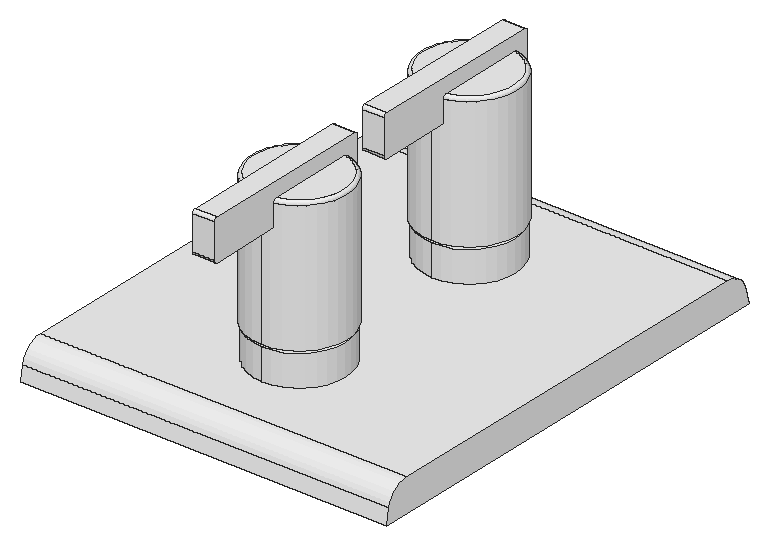
Revit family "Diverter-Two_Handle-American_Standard-Times_Square-T184740.rfaxxx", category Plumbing Fixtures, host Face, Revit 2019
Family settings
  Host = Face
  Round Connector Dimension = Use Diameter
  Part Type = Normal
  OmniClass Number = 23.65.55.14
  OmniClass Title = Valves for Liquid Services
  Cut with Voids When Loaded = No
  Shared = Yes
  Room Calculation Point = No
Parameters (values of type "T184740.002")
  Width = 6 11/16"
  Waste Connection = no
  WFU = 4
  Vent Connection = no
  Valve Visibility = if(or([R520 Rough Valve Body 1/2" NPT Inlets/Outlets (Sold Separately)], [R540 Rough Valve Body 3/4" NPT Inlets/Outlets (Sold Separately)], [R522 Rough Valve Body 1/2" NPT Inlets/Outlets 2-Way Diverter (Sold Separately)], [R523 Rough Valve Body 3/4" NPT Inlets/Outlets 3-Way Diverter (Sold Separately)B]), 1 = 1, 1 = 0)  # no
  URL = "https://www.americanstandard.ca/"
  Type Comments = ""
  Trim Distance from Wall Constraint = if([Trim Distance from Wall (min. 2"- 2 5/8")] > 2 5/8", 2 5/8", if([Trim Distance from Wall (min. 2"- 2 5/8")] < 2", 2", [Trim Distance from Wall (min. 2"- 2 5/8")]))  # 2"
  Trim Distance from Wall (min. 2"- 2 5/8") = 2"
  Tempered Water Connection Diameter 2 = if([R523 Rough Valve Body 3/4" NPT Inlets/Outlets 3-Way Diverter (Sold Separately)B], 1/2", 0")  # 0"
  Tempered Water Connection Diameter 1 = if(or([R522 Rough Valve Body 1/2" NPT Inlets/Outlets 2-Way Diverter (Sold Separately)], [R523 Rough Valve Body 3/4" NPT Inlets/Outlets 3-Way Diverter (Sold Separately)B]), 1/2", 0")  # 0"
  Tempered Water Connection Diameter = if(R520 + R540 = 1/2", 1/2", if(R520 + R540 = 3/4", 3/4", 0"))  # 0"
  Tempered Water Connection Description 2 = if(Tempered Water Connection Diameter 2 = 1/2", "1/2-in Global Outlet Connection 3", "N/A")  # "N/A"
  Tempered Water Connection Description 1 = if(Tempered Water Connection Diameter 1 = 1/2", "1/2-in Global Outlet Connection 2", "N/A")  # "N/A"
  Tempered Water Connection Description = if(Tempered Water Connection Diameter = 1/2", "1/2-in Global Outlet Connection 1", if(Tempered Water Connection Diameter = 3/4", "3/4-in  Global Outlet Connection 1", "N/A"))  # "N/A"
  Tempered Water Connection = yes
  R540 Rough Valve Body 3/4" NPT Inlets/Outlets (Sold Separately) = no
  R523 Rough Valve Body 3/4" NPT Inlets/Outlets 3-Way Diverter (Sold Separately)B = no
  R522 Rough Valve Body 1/2" NPT Inlets/Outlets 2-Way Diverter (Sold Separately) = no
  R520 Rough Valve Body 1/2" NPT Inlets/Outlets (Sold Separately) = no
  Product Page URL = "https://www.americanstandard.ca/Thermostatic-Valves-and-Trims/Time-Square-2-Handle-Thermostatic-Shower-Valve-Trim-Kit/CHROME-T184740002"
  Product Documentation Link = "https://americanstandard.box.com/shared/static/go8ige8li78pd5vhzus5ilaax50pcbar.pdf"
  Price = "Prices may vary. Please consult Manufacturer Representative for most up-to-date price list."  # constant formula
  Model = "T184740.002"
  Maximum Temperature = "104 to 109°F"
  Material = "Cast Brass-American Standard-295-Brushed Nickel"
  Manufacturer = "American Standard"
  Installation Type = "Wall Mounted"
  Inlet/Outlet Radius = if([R540 Rough Valve Body 3/4" NPT Inlets/Outlets (Sold Separately)], 3/4", 1/2")  # 1/2"
  Hot Water Connection Diameter = if(R520 + R540 = 1/2", 1/2", if(R520 + R540 = 3/4", 3/4", 0"))  # 0"
  Hot Water Connection Description = if(Hot Water Connection Diameter = 1/2", "1/2-in Hot Water Inlet Connection", if(Hot Water Connection Diameter = 3/4", "3/4-in Hot Water Inlet Connection", "N/A"))  # "N/A"
  Height = 8 1/4"
  HWFU = 3
  HW Connection = yes
  Finish = Cast Brass-American Standard-002-Polished Chrome
  Description = "Time Square® 2-Handle Thermostatic Shower Valve Trim Kit"
  Default Elevation = 48"  # constant formula
  Cross Handle = yes
  Creation Date = "10/18/2022"
  Compliance Certifications = "ASSE 1016, ASME A112.18.1 & CSA B125.1"
  Cold Water Connection Diameter = if(R520 + R540 = 1/2", 1/2", if(R520 + R540 = 3/4", 3/4", 0"))  # 0"
  Cold Water Connection Description = if(Cold Water Connection Diameter = 1/2", "1/2-in Cold Water Inlet Connection", if(Cold Water Connection Diameter = 3/4", "3/4-in Cold Water Inlet Connection", "N/A"))  # "N/A"
  CWFU = 3
  CW Connection = yes
  R540 = if([R540 Rough Valve Body 3/4" NPT Inlets/Outlets (Sold Separately)], 3/4", 0")  # 0"
  Assembly Code = "D2020300"
  R520 = if(or([R520 Rough Valve Body 1/2" NPT Inlets/Outlets (Sold Separately)], [R522 Rough Valve Body 1/2" NPT Inlets/Outlets 2-Way Diverter (Sold Separately)], [R523 Rough Valve Body 3/4" NPT Inlets/Outlets 3-Way Diverter (Sold Separately)B]), 1/2", 0")  # 0"
  ADA Compliant = yes
  2 & 3 Way Valve Visibility = if(or([R522 Rough Valve Body 1/2" NPT Inlets/Outlets 2-Way Diverter (Sold Separately)], [R523 Rough Valve Body 3/4" NPT Inlets/Outlets 3-Way Diverter (Sold Separately)B]), 1 = 1, 1 = 0)  # no
Reference planes (in)
  plane 1 "Center (Front/Back)": y = 0.6875
  plane 2: z = 0
  plane 3 "Center (Left/Right)": x = 0
  plane 4: y = 2.625
  plane 5: y = 4.375
  plane 6: y = -3
  plane 7: x = -3.34375
  plane 8: x = 3.34375
  plane 9: z = -2.25
  plane 10: z = -1.75
  plane 11: z = -1.75
  plane 12: z = -2.25
  plane 13: y = 4.8125
  plane 14: y = -3.4375
  plane 15: z = -1.75
  plane 16: z = -2.25
  plane 17 "Trim Distance": z = -2
  plane 18: x = -2.9375
  plane 19: x = 2.9375
  plane 20: y = -1.25
  plane 21: z = -3
Forms (in)
  Revolve 1, solid, material "Metal-American Standard-Gold", visible <- "Valve Visibility"
    sketch origin (0, 0, 0) x (0, 1, 0) y (0, 0, 1)
      loop
        line (2.625, 0) -> (2.625, -1.94015) -> (2.9375, -1.94015) -> (2.9375, 0) -> (2.625, 0)
      axis (2.625, 0) -> (2.625, -1.94015)
    angle from 0 to 360
  Revolve 2, solid, material "Metal-American Standard-Gold", visible <- "Valve Visibility"
    sketch origin (0, 0.5625, 0) x (0, -1, 0) y (0, 0, -1)
      loop
        line (1.8125, 0) -> (2.1875, 0) -> (2.1875, 1.94015) -> (1.8125, 1.94015) -> (1.8125, 0)
      axis (1.8125, 0) -> (1.8125, 1.94015)
    angle from 0 to 360
  Revolve 3, solid, material "Metal-American Standard-Gold", visible <- "Valve Visibility"
    sketch origin (0, 0, 0) x (0, 1, 0) y (0, 0, 1)
      loop
        line (3.59873, -2.46875) -> (4.375, -2.46875) -> (4.375, -2.25) -> (0.29687, -2.25) -> (0.29687, -2) -> (-3, -2) -> (-3, -2.34375) -> (-2.82577, -2.34375) -> (-2.82577, -2.46875) -> (0.37255, -2.46875) -> (0.49755, -2.34375) -> (3.48154, -2.34375) -> (3.59873, -2.46875)
      axis (4.375, -2) -> (-3, -2)
    angle from 0 to 360
  Revolve 4, solid, material "Metal-American Standard-Gold", visible <- "2 & 3 Way Valve Visibility"
    sketch origin (0, 2.625, 1.0625) x (0, 0, 1) y (-1, 0, 0)
      loop
        line (-2.8125, -2.9375) -> (-2.6875, -2.9375) -> (-2.6875, 2.9375) -> (-2.8125, 2.9375) -> (-2.8125, -2.9375)
      axis (-3.0625, 2.9375) -> (-3.0625, -2.9375)
    angle from 0 to 360
  Revolve 5, solid, material "Metal-American Standard-Gold", visible <- "Valve Visibility"
    sketch origin (0, -1.25, 1.0625) x (0, 0, 1) y (-1, 0, 0)
      loop
        line (-3.3125, -2.9375) -> (-3.3125, 2.9375) -> (-3.4375, 2.9375) -> (-3.4375, -2.9375) -> (-3.3125, -2.9375)
      axis (-3.0625, 2.9375) -> (-3.0625, -2.9375)
    angle from 0 to 360
  Extrusion 6, solid, material "Cast Brass-American Standard-002-Polished Chrome" <- "Finish"
    sketch origin (0, 0.6875, 0) x (0, 1, 0) y (0, 0, 1)
      loop
        line (4.125, 0) -> (4.06894, 0.26375)
        arc (4.06894, 0.26375) -> (3.92414, 0.50004) -> (3.66292, 0.59254) r 0.41509
        line (3.66292, 0.59254) -> (-3.66292, 0.59254)
        arc (-3.66292, 0.59254) -> (-3.92414, 0.50004) -> (-4.06894, 0.26375) r 0.41509
        line (-4.06894, 0.26375) -> (-4.125, 0) -> (4.125, 0)
    from -3.34375 to 3.34375
  Revolve 7, solid, material "Cast Brass-American Standard-002-Polished Chrome" <- "Finish"
    sketch origin (0, 7.79457, 1.4638) x (0, 1, 0) y (0, 0, 1)
      loop
        line (-4.2954, -0.24706) -> (-4.2954, 2.12455)
        arc (-4.2954, 2.12455) -> (-4.31298, 2.16698) -> (-4.3554, 2.18455) r 0.06
        line (-4.3554, 2.18455) -> (-5.16957, 2.18455) -> (-5.16957, -0.87126) -> (-4.32361, -0.87126) -> (-4.32361, -0.30798) -> (-4.86477, -0.30798) -> (-4.86477, -0.24706) -> (-4.2954, -0.24706)
      axis (-5.16957, 2.18455) -> (-5.16957, -0.87126)
    angle from 0 to 360
  Extrusion 8, solid, material "Cast Brass-American Standard-002-Polished Chrome" <- "Finish"
    sketch origin (0, 7.79457, 0) x (0, 1, 0) y (0, 0, 1)
      loop
        line (-4.10213, 3.17261) -> (-4.10213, 3.85591)
        arc (-4.10213, 3.85591) -> (-4.1197, 3.89834) -> (-4.16213, 3.91591) r 0.06
        line (-4.16213, 3.91591) -> (-7.29213, 3.91591)
        arc (-7.29213, 3.91591) -> (-7.33456, 3.89834) -> (-7.35213, 3.85591) r 0.06
        line (-7.35213, 3.85591) -> (-7.35213, 3.23261)
        arc (-7.35213, 3.23261) -> (-7.33456, 3.19019) -> (-7.29213, 3.17261) r 0.06
        line (-7.29213, 3.17261) -> (-4.10213, 3.17261)
    from -0.2 to 0.2
  Revolve 9, solid, material "Cast Brass-American Standard-002-Polished Chrome" <- "Finish"
    sketch origin (0, 4.60707, 1.4638) x (0, 1, 0) y (0, 0, 1)
      loop
        line (-5.85707, 2.18455) -> (-5.85707, -0.87126) -> (-5.01111, -0.87126) -> (-5.01111, -0.30798) -> (-5.55227, -0.30798) -> (-5.55227, -0.24706) -> (-4.9829, -0.24706) -> (-4.9829, 2.12596)
        arc (-4.9829, 2.12596) -> (-5.00006, 2.16739) -> (-5.0415, 2.18455) r 0.05859
        line (-5.0415, 2.18455) -> (-5.85707, 2.18455)
      axis (-5.85707, 2.18455) -> (-5.85707, -0.87126)
    angle from 0 to 360
  Extrusion 10, solid, material "Cast Brass-American Standard-002-Polished Chrome" <- "Finish"
    sketch origin (0, 3.79457, 0) x (0, 1, 0) y (0, 0, 1)
      loop
        line (-3.97713, 3.17261) -> (-3.97713, 3.85591)
        arc (-3.97713, 3.85591) -> (-3.9947, 3.89834) -> (-4.03713, 3.91591) r 0.06
        line (-4.03713, 3.91591) -> (-7.16713, 3.91591)
        arc (-7.16713, 3.91591) -> (-7.20956, 3.89834) -> (-7.22713, 3.85591) r 0.06
        line (-7.22713, 3.85591) -> (-7.22713, 3.23261)
        arc (-7.22713, 3.23261) -> (-7.20956, 3.19019) -> (-7.16713, 3.17261) r 0.06
        line (-7.16713, 3.17261) -> (-3.97713, 3.17261)
    from -0.2 to 0.2
  Revolve 11, solid, material "Metal-American Standard-Gold", visible <- "Valve Visibility"
    sketch origin (0, 0, 0) x (0, 1, 0) y (0, 0, 1)
      loop
        line (-2.34005, -3) -> (-0.1225, -3) -> (-0.1225, -2) -> (-2.34005, -2) -> (-2.34005, -3)
      axis (-2.34005, -2) -> (-0.1225, -2)
    angle from 0 to 360
Cuts and joins
  joined: Revolve 7, Extrusion 8
  joined: Revolve 9, Extrusion 10
  joined: Revolve 3, Revolve 11
Lines and regions (in)
  Masking region 1, visible <- "Valve Visibility", detail levels medium+fine
    outline origin (0, -1.8125, 0) x (0, 0, 1) y (-1, 0, 0)
      loop
        line (0, 0.37563) -> (-1.07323, 0.37563)
        arc (-1.07323, 0.37563) -> (-1.29313, 0.70735) -> (-1.625, 0.92702) r 1
        line (-1.625, 0.92702) -> (-1.625, 2.9375) -> (-2.375, 2.9375) -> (-2.375, 0.92702)
        arc (-2.375, 0.92702) -> (-2.82916, 0.55902) -> (-3, 0) r 1
        arc (-3, 0) -> (-2.82916, -0.55902) -> (-2.375, -0.92702) r 1
        line (-2.375, -0.92702) -> (-2.375, -2.9375) -> (-1.625, -2.9375) -> (-1.625, -0.92702)
        arc (-1.625, -0.92702) -> (-1.29313, -0.70735) -> (-1.07323, -0.37563) r 1
        line (-1.07323, -0.37563) -> (0, -0.37563) -> (0, 0.37563)
  Masking region 2
    outline origin (0, -1.8125, 0) x (0, 0, 1) y (-1, 0, 0)
      loop
        line (0, 3.34375) -> (0, -3.34375) -> (0.59254, -3.34375) -> (0.59254, -0.84596) -> (1.15582, -0.84596) -> (1.15582, -0.3048) -> (1.21674, -0.3048) -> (1.21674, -0.87416) -> (3.58975, -0.87416)
        arc (3.58975, -0.87416) -> (3.63119, -0.857) -> (3.64835, -0.81557) r 0.05859
        line (3.64835, -0.81557) -> (3.64835, -0.2) -> (3.91591, -0.2) -> (3.91591, 0.2) -> (3.64835, 0.2) -> (3.64835, 0.81557)
        arc (3.64835, 0.81557) -> (3.63119, 0.857) -> (3.58975, 0.87416) r 0.05859
        line (3.58975, 0.87416) -> (1.21674, 0.87416) -> (1.21674, 0.3048) -> (1.15582, 0.3048) -> (1.15582, 0.84596) -> (0.59254, 0.84596) -> (0.59254, 3.34375) -> (0, 3.34375)
  symbolic lines, detail levels medium+fine
    curve 1: line (0.84596, -1.8125, 0.59254) -> (-0.84596, -1.8125, 0.59254)
    curve 2: line (0.3048, -1.8125, 1.15582) -> (-0.3048, -1.8125, 1.15582)
    curve 3: line (-0.3048, -1.8125, 1.21674) -> (0.3048, -1.8125, 1.21674)
    curve 4: line (-0.2, -1.8125, 3.17261) -> (0.2, -1.8125, 3.17261)
    curve 5: line (0.2, -1.8125, 3.64835) -> (0.2, -1.8125, 3.17261)
    curve 6: line (-0.2, -1.8125, 3.64825) -> (-0.2, -1.8125, 3.17261)
Dimensions and locks (in)
  equal spacing: plane 5, plane 1 "Center (Front/Back)", plane 6
  equal spacing: plane 7, plane 3 "Center (Left/Right)", plane 8
  "Width": plane 7 to plane 8
  Revolve 3 sketch curve to Revolve 3 sketch curve to Revolve 3 sketch curve = 1/8" locked, 3/32" locked
  locked: Revolve 4 sketch curve to Revolve 4 sketch curve at 0.125
  locked: Revolve 5 sketch curve to Revolve 5 sketch curve at 0.125
  "Height": plane 14 to plane 13
  "Trim Distance from Wall Constraint": level to plane 17 "Trim Distance"
  plane 18 to plane 19 = 5 7/8"
  equal spacing: plane 14, plane 1 "Center (Front/Back)", plane 13
  locked: plane 17 "Trim Distance" to plane 21 at 1
  equal spacing: plane 12, plane 17 "Trim Distance", plane 11
  "Inlet/Outlet Radius": plane 12 to plane 11
  plane 5 to plane 6 = 7 3/8"
  plane 4 to plane 20 = 3 7/8"
  equal spacing: plane 4, plane 1 "Center (Front/Back)", plane 20
  equal spacing: plane 16, plane 17 "Trim Distance", plane 15
  "Inlet/Outlet Radius": plane 16 to plane 15
  equal spacing: plane 9, plane 17 "Trim Distance", plane 10
  "Inlet/Outlet Radius": plane 9 to plane 10
  aligned and locked: plane 2 to host face
  aligned and locked: plane 4 to Revolve 1 sketch curve  (x2)
  aligned and locked: Revolve 3 sketch curve to Revolve 3 sketch curve  (x2)
  aligned and locked: plane 10 to Revolve 4 sketch curve
  aligned and locked: Revolve 3 sketch curve to plane 16
  aligned and locked: plane 17 "Trim Distance" to Revolve 4 sketch curve
  aligned and locked: plane 17 "Trim Distance" to Revolve 5 sketch curve
  aligned and locked: Revolve 3 sketch curve to plane 17 "Trim Distance"  (x2)
  aligned and locked: Revolve 4 to Masking region 1 sketch curve  (x2)
  aligned and locked: Masking region 1 sketch curve to Revolve 4  (x4)
  aligned and locked: plane 6 to Revolve 3 sketch curve
  aligned and locked: Revolve 3 sketch curve to plane 5
  aligned and locked: Revolve 11 sketch curve to plane 17 "Trim Distance"
  aligned and locked: plane 21 to Revolve 11 sketch curve
  aligned and locked: plane 17 "Trim Distance" to Revolve 11 sketch curve
  aligned and locked: Revolve 5 sketch curve to plane 12
  aligned and locked: Masking region 1 sketch curve to cut or joined group of Revolve 3, Revolve 11  (x2)
  aligned and locked: curve 4 to cut or joined group of Revolve 7, Extrusion 8
Automatic sketch dimensions
  host sketch curve to host sketch curve = 22.93334"
  host sketch curve to host sketch curve = 27.50708"
  plane 19 to Revolve 4 sketch curve = 0"
  Revolve 4 sketch curve to plane 18 = 0"
  Revolve 4 sketch curve to plane 8 = 1 13/16"
  Revolve 4 sketch curve to Revolve 4 sketch curve = 1.10402"
  Revolve 5 sketch curve to plane 8 = 0"
  plane 19 to Revolve 5 sketch curve = 0"
  Revolve 5 sketch curve to plane 18 = 0"
  Revolve 5 sketch curve to Revolve 5 sketch curve = 1 1/4"
  Revolve 1 sketch curve to level = 0"
  plane 17 "Trim Distance" to Revolve 1 sketch curve = 0.05985"
  Revolve 1 sketch curve to Revolve 1 sketch curve = 5/16"
  level to Revolve 1 sketch curve = 4.84272"
  Revolve 1 sketch curve to Revolve 1 sketch curve = 1/2"
  Revolve 2 sketch curve to level = 0"
  plane 17 "Trim Distance" to Revolve 2 sketch curve = 0.05985"
  Revolve 2 sketch curve to Revolve 2 sketch curve = 3/8"
  Revolve 2 sketch curve to Revolve 2 sketch curve = 4.84272"
  Revolve 2 sketch curve to Revolve 2 sketch curve = 1/2"
  Extrusion 6 sketch curve to level = 0"
  Extrusion 6 sketch curve to plane 14 = 0"
  Extrusion 6 sketch curve to plane 13 = 0"
  plane 14 to Extrusion 6 sketch curve = 0.05606"
  plane 14 to Extrusion 6 sketch curve = 0.46208"
  plane 13 to Extrusion 6 sketch curve = 0.46208"
  plane 13 to Extrusion 6 sketch curve = 0.05606"
  level to Extrusion 6 sketch curve = 0.17745"  (x2)
  level to Extrusion 6 sketch curve = 0.26375"
  Revolve 7 sketch curve to plane 4 = 0"  (x2)
  plane 4 to Revolve 7 sketch curve = 0.3048"
  plane 4 to Revolve 7 sketch curve = 0.81416"
  Revolve 7 sketch curve to Revolve 7 sketch curve = 0.54116"
  Revolve 7 sketch curve to Revolve 7 sketch curve = 0.02821"
  level to Revolve 7 sketch curve = 0.59254"
  Revolve 7 sketch curve to Revolve 7 sketch curve = 0.56328"
  Revolve 7 sketch curve to Revolve 7 sketch curve = 0.06092"
  Revolve 7 sketch curve to Revolve 7 sketch curve = 2.37161"
  Revolve 7 sketch curve to Revolve 7 sketch curve = 2.51847"
  Revolve 7 sketch curve to Revolve 7 sketch curve = 0.42224"
  plane 1 "Center (Front/Back)" to Extrusion 8 sketch curve = 0.24506"
  Extrusion 8 sketch curve to Extrusion 8 sketch curve = 0.06"  (x3)
  plane 4 to Extrusion 8 sketch curve = 1.00744"
  level to Extrusion 8 sketch curve = 3.17261"
  Extrusion 8 sketch curve to Extrusion 8 sketch curve = 0.6833"
  Extrusion 10 sketch curve to plane 6 = 0.43256"
  Extrusion 10 sketch curve to Extrusion 10 sketch curve = 0.06"  (x3)
  level to Extrusion 10 sketch curve = 3.17261"
  Extrusion 10 sketch curve to Extrusion 10 sketch curve = 0.6233"
  plane 6 to Revolve 2 sketch curve = 1 3/4"  (x2)
  plane 1 "Center (Front/Back)" to Extrusion 10 sketch curve = 0.93006"
  plane 6 to Revolve 11 sketch curve = 0.65995"
  Revolve 11 sketch curve to plane 14 = 0.1838"
  Revolve 11 sketch curve to Revolve 11 sketch curve = 3/4"
  plane 1 "Center (Front/Back)" to Revolve 11 sketch curve = 0.81"
  plane 1 "Center (Front/Back)" to Revolve 3 sketch curve = 25/64"
  plane 6 to Revolve 3 sketch curve = 0.17423"
  plane 1 "Center (Front/Back)" to Revolve 3 sketch curve = 0.31495"
  Revolve 3 sketch curve to Revolve 3 sketch curve = 1/8"
  plane 4 to Revolve 3 sketch curve = 0.85654"
  Revolve 3 sketch curve to Revolve 3 sketch curve = 15/128"
  Revolve 3 sketch curve to plane 20 = 0.0133"
  Revolve 3 sketch curve to plane 13 = 0.18485"
  Revolve 9 sketch curve to plane 20 = 0"
  Revolve 9 sketch curve to plane 4 = 3 7/8"
  Revolve 9 sketch curve to plane 4 = 3.5702"
  Revolve 9 sketch curve to plane 4 = 3.05943"
  Revolve 9 sketch curve to Revolve 9 sketch curve = 0.54116"
  Revolve 9 sketch curve to Revolve 9 sketch curve = 15/256"
  level to Revolve 9 sketch curve = 0.59254"
  Revolve 9 sketch curve to Revolve 9 sketch curve = 0.56328"
  Revolve 9 sketch curve to Revolve 9 sketch curve = 0.06092"
  Revolve 9 sketch curve to Revolve 9 sketch curve = 2.37301"
  Revolve 9 sketch curve to Revolve 9 sketch curve = 2.51847"
  Revolve 9 sketch curve to Revolve 9 sketch curve = 0.42224"
  Masking region 1 sketch curve to Masking region 1 sketch curve = 0"  (x4)
  Masking region 1 sketch curve to plane 3 "Center (Left/Right)" = 0.37563"
  plane 3 "Center (Left/Right)" to Masking region 1 sketch curve = 0.37563"
  plane 3 "Center (Left/Right)" to curve 4 = 0.2"
  level to curve 4 = 3.17261"
  curve 3 to plane 3 "Center (Left/Right)" = 0.3048"
  level to curve 3 = 1.21674"
  curve 2 to curve 3 = 0.06092"
  level to curve 1 = 0.59254"
  curve 6 to plane 3 "Center (Left/Right)" = 0.2"
  curve 6 to curve 6 = 0.47564"
  curve 6 to curve 5 = 0.0001"
  plane 3 "Center (Left/Right)" to curve 3 = 0.3048"
  curve 3 to curve 2 = 0"  (x2)
  curve 1 to curve 2 = 0.54116"
  curve 2 to curve 1 = 0.54116"
  Masking region 1 sketch curve to level = 0"
  Masking region 2 sketch curve to level = 0"
  Masking region 2 sketch curve to plane 8 = 0"
  plane 7 to Masking region 2 sketch curve = 0"
  level to Masking region 2 sketch curve = 0.59254"  (x2)
  Masking region 2 sketch curve to Masking region 2 sketch curve = 0.56328"
  Masking region 2 sketch curve to Masking region 2 sketch curve = 0"  (x3)
  Masking region 2 sketch curve to Masking region 2 sketch curve = 0.06092"  (x2)
  Masking region 2 sketch curve to plane 3 "Center (Left/Right)" = 0.81557"
  Masking region 2 sketch curve to Masking region 2 sketch curve = 2.37301"
  plane 3 "Center (Left/Right)" to Masking region 2 sketch curve = 0.81557"
  plane 3 "Center (Left/Right)" to Masking region 2 sketch curve = 0.2"
  Masking region 2 sketch curve to Masking region 2 sketch curve = 15/256"
  Masking region 2 sketch curve to plane 3 "Center (Left/Right)" = 0.2"
  Masking region 2 sketch curve to Masking region 2 sketch curve = 0.26756"
  Masking region 2 sketch curve to Masking region 2 sketch curve = 0.02821"  (x2)
  plane 3 "Center (Left/Right)" to Masking region 2 sketch curve = 0.3048"
  Masking region 2 sketch curve to plane 3 "Center (Left/Right)" = 0.3048"
Connectors (in)
  piping at (0, 4.375, -2), driven by "Tempered Water Connection Description", driven by "Tempered Water Connection Diameter"
    settings: on Revolve 3, index 3, connector diameter 0", connector inside diameter 24", connector length 0", flow factor 0, pipe flow 0 GPM, pressure drop 0.00 psi, fitting loss kfactor 0, connector angle 0.00°, fixture units 0, engagement length 0", angle of deflection 0.00°, flow configuration 0, flow direction 2, fitting loss method 0, system type 29, joint type 0, gender type 0, connector reference index -1, connector utility 0, adjustable connector no, is connector primary yes, connector description "N/A"
  piping at (-2.9375, 2.625, -2), driven by "Tempered Water Connection Diameter 1", driven by "Tempered Water Connection Description 1"
    settings: on Revolve 4, index 4, connector diameter 0", connector inside diameter 24", connector length 0", flow factor 0, pipe flow 0 GPM, pressure drop 0.00 psi, fitting loss kfactor 0, connector angle 0.00°, fixture units 0, engagement length 0", angle of deflection 0.00°, flow configuration 0, flow direction 2, fitting loss method 0, system type 29, joint type 0, gender type 0, connector reference index -1, connector utility 0, adjustable connector no, is connector primary no, connector description "N/A"
  piping at (2.9375, 2.625, -2), driven by "Tempered Water Connection Diameter 2", driven by "Tempered Water Connection Description 2"
    settings: on Revolve 4, index 5, connector diameter 0", connector inside diameter 24", connector length 0", flow factor 0, pipe flow 0 GPM, pressure drop 0.00 psi, fitting loss kfactor 0, connector angle 0.00°, fixture units 0, engagement length 0", angle of deflection 0.00°, flow configuration 0, flow direction 2, fitting loss method 0, system type 29, joint type 0, gender type 0, connector reference index -1, connector utility 0, adjustable connector no, is connector primary no, connector description "N/A"
  piping at (-2.9375, -1.25, -2), driven by "Hot Water Connection Diameter", driven by "Hot Water Connection Description", driven by "HWFU"
    settings: on Revolve 5, index 6, connector diameter 0", connector inside diameter 24", connector length 0", flow factor 0, pipe flow 0 GPM, pressure drop 0.00 psi, fitting loss kfactor 0, connector angle 0.00°, fixture units 3, engagement length 0", angle of deflection 0.00°, flow configuration 3, flow direction 1, fitting loss method 0, system type 19, joint type 0, gender type 0, connector reference index -1, connector utility 0, adjustable connector no, is connector primary no, connector description "N/A"
  piping at (2.9375, -1.25, -2), driven by "Cold Water Connection Diameter", driven by "Cold Water Connection Description", driven by "CWFU"
    settings: on Revolve 5, index 7, connector diameter 0", connector inside diameter 24", connector length 0", flow factor 0, pipe flow 0 GPM, pressure drop 0.00 psi, fitting loss kfactor 0, connector angle 0.00°, fixture units 3, engagement length 0", angle of deflection 0.00°, flow configuration 3, flow direction 1, fitting loss method 0, system type 20, joint type 0, gender type 0, connector reference index -1, connector utility 0, adjustable connector no, is connector primary no, connector description "N/A"
